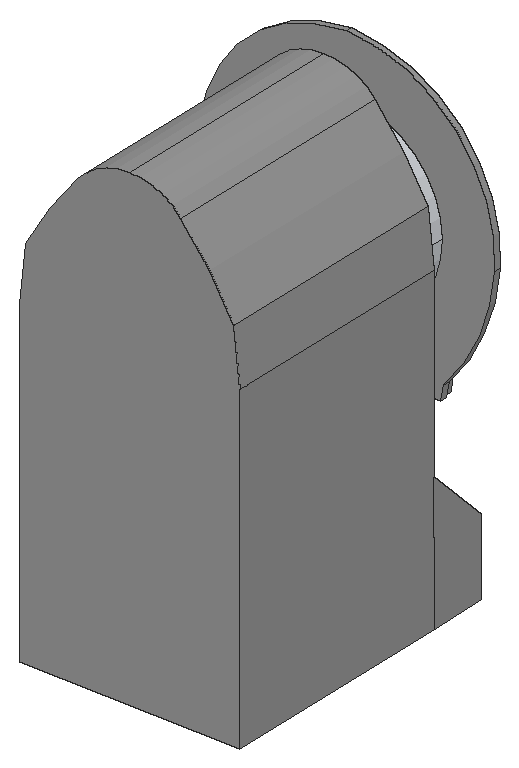
Revit family "Bariatric_Toilet-Willoughby-BETW-1490-FM-FA-TS", category Plumbing Fixtures, Revit 2015
Parameters (values of type "Standard")
  Waste DIA = 2 3/8"
  Waste Connection = yes
  Vent Connection = no
  URL = "https://www.willoughby-ind.com/wp-content/uploads/2018/01/BETW-1490-FM-FA.pdf"
  Type Comments = ""
  Revision = "A"
  Model = "BETW-1490-FM-FA-TS"
  Manufacturer = "Willoughby Industries"
  HW Connection = no
  Flush Inlet DIA = 1 1/2"
  Flush Inlet Connection = yes
  Fixture Body = Stainless Steel AISI 304-Willoughby
  Description = "Front Access, Wall Outlet, Blowout Series Bariatric Toilet, Top Spud"
  Default Elevation = 0' - 0"
  Contact = "(800) 428-4065"
  CW Connection = no
Reference planes (in)
  plane 1 "Center (Front/Back)Floor": y = 0
  plane 2: z = 0
  plane 3 "Center (Left/Right)": x = 0
  plane 4 "Toilet Base HGT": y = 15.75
  plane 5 "Top Of Unit": y = 19.625
  plane 6: x = 7.125
  plane 7: x = -7.125
  plane 8: z = 20.875
  plane 9: z = 31
  plane 10: z = 31.5
  plane 11: z = 24.75
  plane 12: z = 29.375
  plane 13: x = 2
  plane 14: x = -2
  plane 15: z = 9
  plane 16: z = 5
  plane 17: z = 21.5
  plane 18: z = 27.6875
  plane 19: z = 13.125
  plane 20: x = 9.625
  plane 21: x = -9.625
  plane 22 "Waste HGT": y = 12.25
Forms (in)
  Extrusion 1, solid, material "Stainless Steel AISI 304-Willoughby" <- "Fixture Body"
    sketch origin (0, 0, 0) x (1, 0, 0) y (0, 0, 1)
      loop
        line (7.125, 0) -> (7.125, 20.875)
        arc (7.125, 20.875) -> (7.03428, 22.67805) -> (6.76304, 24.46289) r 17.96324
        arc (6.76304, 24.46289) -> (5.19007, 27.08) -> (3.33041, 29.50181) r 26.87644
        arc (3.33041, 29.50181) -> (1.83129, 30.62012) -> (0, 31) r 4.32008
        arc (0, 31) -> (-1.83129, 30.62012) -> (-3.33041, 29.50181) r 4.32008
        arc (-3.33041, 29.50181) -> (-5.19007, 27.08) -> (-6.76304, 24.46289) r 26.87644
        arc (-6.76304, 24.46289) -> (-7.03428, 22.67805) -> (-7.125, 20.875) r 17.96324
        line (-7.125, 20.875) -> (-7.125, 0) -> (7.125, 0)
    from 0 to -15.75
  Extrusion 2, solid, material "Stainless Steel AISI 304-Willoughby" <- "Fixture Body"
    sketch origin (0, 0, 0) x (0, 1, 0) y (0, 0, 1)
      loop
        line (15.75, 8.875) -> (15.75, 0) -> (19.625, 0) -> (19.625, 5) -> (15.75, 8.875)
    from -7.125 to 7.125
  Extrusion 3, solid
    sketch origin (0, 15.75, 0) x (-1, 0, 0) y (0, 0, 1)
      loop
        circle (0, 21.5) r 6.1875
    from 0 to 1.875
  Extrusion 4, solid, material "Stainless Steel AISI 304-Willoughby" <- "Fixture Body"
    sketch origin (0, 15.75, 0) x (-1, 0, 0) y (0, 0, 1)
      loop
        line (-4.75, 12.125) -> (-4.75, 12.625) -> (4.75, 12.625) -> (4.75, 12.125) -> (6.125, 12.125) -> (6.30133, 13.125)
        arc (6.30133, 13.125) -> (8.61843, 16.71898) -> (9.625, 20.875) r 12.82342
        arc (9.625, 20.875) -> (7.07791, 28.23969) -> (0, 31.5) r 9.93325
        arc (0, 31.5) -> (-7.07791, 28.23969) -> (-9.625, 20.875) r 9.93325
        arc (-9.625, 20.875) -> (-8.61843, 16.71898) -> (-6.30133, 13.125) r 12.82342
        line (-6.30133, 13.125) -> (-6.125, 12.125) -> (-4.75, 12.125)
    from 1.875 to 2.25
  Blend 5, solid, material "Stainless Steel AISI 304-Willoughby" <- "Fixture Body"
    base sketch origin (0, 15.75, 0) x (-1, 0, 0) y (0, 0, 1)
      loop
        line (-4.60785, 12.15929) -> (-4.60785, 12.40929) -> (4.64215, 12.40929) -> (4.64215, 12.15929) -> (5.98395, 12.15929) -> (6.22068, 14.59691)
        arc (6.22068, 14.59691) -> (8.11105, 18.09183) -> (8.6336, 22.03074) r 10.97859
        arc (8.6336, 22.03074) -> (5.98369, 28.04088) -> (0, 30.75) r 9.19603
        arc (0, 30.75) -> (-5.98369, 28.04088) -> (-8.6336, 22.03074) r 9.19603
        arc (-8.6336, 22.03074) -> (-8.11105, 18.09183) -> (-6.22068, 14.59691) r 10.97859
        line (-6.22068, 14.59691) -> (-5.98395, 12.15929) -> (-4.60785, 12.15929)
    top sketch origin (0, 15.75, 0) x (-1, 0, 0) y (0, 0, 1)
      loop
        arc (6.22944, 13.99176) -> (8.35674, 17.14799) -> (9.12911, 20.875) r 9.85348
        arc (9.12911, 20.875) -> (6.86364, 28.01045) -> (0, 31) r 9.05259
        arc (0, 31) -> (-6.86364, 28.01045) -> (-9.12911, 20.875) r 9.05259
        arc (-9.12911, 20.875) -> (-8.34629, 17.12327) -> (-6.19132, 13.954) r 9.85348
        line (-6.19132, 13.954) -> (-6.01467, 12.135) -> (-4.5826, 12.135) -> (-4.5826, 12.385) -> (4.63006, 12.385) -> (4.63006, 12.125) -> (5.99156, 12.125) -> (6.22944, 13.99176)
    from 2.875 to 2.25
  Revolve 6, solid
    sketch origin (0, 12.25, 0) x (0, 0, -1) y (-1, 0, 0)
      loop
        line (0, 0) -> (0, 1.1875) -> (-2.25, 1.1875) -> (-2.25, 0) -> (0, 0)
      axis (-2.25, 0) -> (0, 0)
    angle from 0 to 360
  Extrusion 7, solid, material "Stainless Steel AISI 304-Willoughby" <- "Fixture Body"
    sketch origin (0, 19.625, 0) x (-1, 0, 0) y (0, 0, 1)
      loop
        circle (0, 2.5) r 0.75
    from 0 to 1.125
Lines and regions (in)
  symbolic lines
    curve 1: line (0, 15.75, 8.875) -> (0, 15.75, 31)
    curve 2: line (0, 15.75, 31) -> (0, 0, 31)
    curve 3: line (0, 0, 31) -> (0, 0, 0)
    curve 4: line (0, 0, 0) -> (0, 15.75, 0)
    curve 11: line (0, 18, 12.125) -> (0, 17.625, 12.125)
    curve 16: line (0, 15.75, 8.875) -> (0, 19.625, 5)
    curve 17: line (0, 19.625, 5) -> (0, 19.625, 0)
    curve 18: line (0, 19.625, 0) -> (0, 15.75, 0)
    curve 22: line (7.125, 19.625, -0.25) -> (7.125, 19.625, 14.12365)
    curve 23: arc (7.125, 19.625, 14.12365) -> (8.85852, 19.625, 17.32028) -> (9.625, 19.625, 20.875) r 12.82342
    curve 24: arc (9.625, 19.625, 20.875) -> (9.10381, 19.625, 24.81755) -> (7.07791, 19.625, 28.23969) r 9.93325
    curve 25: arc (7.07791, 19.625, 28.23969) -> (3.87202, 19.625, 30.5929) -> (0, 19.625, 31.5) r 9.93325
    curve 26: arc (0, 19.625, 31.5) -> (-3.87202, 19.625, 30.5929) -> (-7.07791, 19.625, 28.23969) r 9.93325
    curve 27: arc (-7.07791, 19.625, 28.23969) -> (-9.10381, 19.625, 24.81755) -> (-9.625, 19.625, 20.875) r 9.93325
    curve 28: arc (-9.625, 19.625, 20.875) -> (-8.85852, 19.625, 17.32028) -> (-7.125, 19.625, 14.12365) r 12.82342
    curve 29: line (-7.125, 19.625, 14.12365) -> (-7.125, 19.625, 0)
    curve 30: line (-7.125, 19.625, 0) -> (7.125, 19.625, 0)
    curve 57: line (7.125, 19.625, 0) -> (-7.125, 19.625, 0)
    curve 58: line (-7.125, 19.625, 0) -> (-7.125, 0, 0)
    curve 59: line (-7.125, 0, 0) -> (7.125, 0, 0)
    curve 60: line (7.125, 0, 0) -> (7.125, 19.625, 0)
    curve 61: line (-6.76304, 15.75, 0) -> (-6.76304, 0, 0)
    curve 62: line (-7.125, 15.75, 0) -> (7.125, 15.75, 0)
    curve 63: line (6.1875, 17.625, 0) -> (6.1875, 15.75, 0)
    curve 64: line (-6.17726, 15.75, 0) -> (-6.17726, 17.625, 0)
    curve 65: line (-6.17726, 17.625, 0) -> (6.1875, 17.625, 0)
    curve 75: line (6.76304, 15.75, 0) -> (6.76304, 0, 0)
  symbolic lines, detail levels medium+fine
    curve 5: line (0, 15.75, 15.375) -> (0, 17.625, 15.375)
    curve 6: line (0, 17.625, 15.375) -> (0, 17.625, 27.6875)
    curve 7: line (0, 17.625, 27.6875) -> (0, 15.75, 27.6875)
    curve 8: line (0, 17.625, 27.6875) -> (0, 17.625, 31.5)
    curve 9: line (0, 17.625, 31.5) -> (0, 18, 31.5)
    curve 10: line (0, 18, 31.5) -> (0, 18, 12.125)
    curve 12: line (0, 17.625, 12.125) -> (0, 17.625, 15.375)
    curve 13: line (0, 18, 12.125) -> (0, 18.625, 12.15929)
    curve 14: line (0, 18.625, 12.15929) -> (0, 18.625, 30.75)
    curve 15: line (0, 18.625, 30.75) -> (0, 18, 31)
    curve 31: line (-7.125, 19.625, 5) -> (7.125, 19.625, 5)
    curve 32: line (-7.125, 19.625, 8.875) -> (7.125, 19.625, 8.875)
    curve 33: line (-7.125, 19.625, 14.12365) -> (-6.30133, 19.625, 13.125)
    curve 34: line (-6.30133, 19.625, 13.125) -> (-6.125, 19.625, 12.125)
    curve 35: line (-6.125, 19.625, 12.125) -> (-4.75, 19.625, 12.125)
    curve 36: line (-4.75, 19.625, 12.125) -> (-4.75, 19.625, 12.625)
    curve 37: line (-4.75, 19.625, 12.625) -> (4.75, 19.625, 12.625)
    curve 38: line (4.75, 19.625, 12.625) -> (4.75, 19.625, 12.125)
    curve 39: line (4.75, 19.625, 12.125) -> (6.125, 19.625, 12.125)
    curve 40: line (6.125, 19.625, 12.125) -> (6.30133, 19.625, 13.125)
    curve 41: arc (6.30133, 19.625, 13.125) -> (6.72577, 19.625, 13.61393) -> (7.125, 19.625, 14.12365) r 12.82342
    curve 53: line (0, 17.625, 12.125) -> (0, 18, 12.125)
    curve 66: line (-6.17726, 17.625, 0) -> (-9.6494, 17.625, 0)
    curve 67: line (-9.6494, 17.625, 0) -> (-9.6494, 18, 0)
    curve 68: line (-9.6494, 18, 0) -> (-9.12911, 18, 0)
    curve 69: line (-9.12911, 18, 0) -> (-8.6336, 18.625, 0)
    curve 70: line (-8.6336, 18.625, 0) -> (8.64736, 18.625, 0)
    curve 71: line (8.64736, 18.625, 0) -> (9.14287, 18, 0)
    curve 72: line (9.14287, 18, 0) -> (9.6494, 18, 0)
    curve 73: line (9.6494, 18, 0) -> (9.6494, 17.625, 0)
    curve 74: line (6.1875, 17.625, 0) -> (9.6494, 17.625, 0)
  symbolic lines, detail levels fine
    curve 19: line (0, 19.625, 1.75) -> (0, 20.75, 1.75)
    curve 20: line (0, 20.75, 1.75) -> (0, 20.75, 3.25)
    curve 21: line (0, 20.75, 3.25) -> (0, 19.625, 3.25)
    curve 42: line (-6.22068, 19.625, 14.59691) -> (-5.98395, 19.625, 12.15929)
    curve 43: line (-5.98395, 19.625, 12.15929) -> (-4.64215, 19.625, 12.15929)
    curve 44: line (-4.64215, 19.625, 12.15929) -> (-4.64215, 19.625, 12.385)
    curve 45: line (-4.64215, 19.625, 12.385) -> (4.60785, 19.625, 12.385)
    curve 46: line (4.60785, 19.625, 12.385) -> (4.60785, 19.625, 12.15929)
    curve 47: line (4.60785, 19.625, 12.15929) -> (5.98395, 19.625, 12.15929)
    curve 48: line (5.98395, 19.625, 12.15929) -> (6.22068, 19.625, 14.59691)
    curve 49: arc (6.22068, 19.625, 14.59691) -> (7.91817, 19.625, 17.54689) -> (8.63061, 19.625, 20.875) r 10.97859
    curve 50: arc (8.63061, 19.625, 20.875) -> (6.37958, 19.625, 27.61664) -> (0, 19.625, 30.75) r 9.21317
    curve 51: arc (0, 19.625, 30.75) -> (-6.36999, 19.625, 27.60827) -> (-8.63061, 19.625, 20.875) r 9.24339
    curve 52: arc (-8.63061, 19.625, 20.875) -> (-7.89379, 19.625, 17.55625) -> (-6.22068, 19.625, 14.59691) r 11.52349
    curve 54: line (0.75, 19.625, 0) -> (0.75, 20.75, 0)
    curve 55: line (0.75, 20.75, 0) -> (-0.75, 20.75, 0)
    curve 56: line (-0.75, 20.75, 0) -> (-0.75, 19.625, 0)
Dimensions and locks (in)
  plane 9 to level = 2' - 7"
  plane 1 "Center (Front/Back)Floor" to plane 4 "Toilet Base HGT" = 1' - 3 3/4"
  plane 1 "Center (Front/Back)Floor" to plane 5 "Top Of Unit" = 1' - 7 5/8"
  plane 7 to plane 6 = 1' - 2 1/4"
  plane 10 to level = 2' - 7 1/2"
  plane 4 "Toilet Base HGT" to plane 1 "Center (Front/Back)Floor" = 1' - 3 3/4"
  level to plane 10 = 2' - 7 1/2"
  plane 6 to plane 7 = 1' - 2 1/4"
  aligned and locked: Extrusion 1 to plane 7
  aligned and locked: Extrusion 1 to level
  aligned and locked: Extrusion 2 to plane 4 "Toilet Base HGT"
  aligned and locked: plane 5 "Top Of Unit" to Extrusion 2
  aligned and locked: Extrusion 2 to level
  aligned and locked: Revolve 6 sketch curve to Revolve 6 sketch curve  (x2)
  aligned and locked: plane 6 to Extrusion 2
  aligned and locked: Extrusion 2 to plane 7
  aligned and locked: curve 62 to curve 75
  aligned and locked: curve 75 to Extrusion 1
Connectors (in)
  piping at (0, 12.25, 0), diameter 2.375, driven by "Waste DIA", driven by "Waste Connection"
    settings: on Revolve 6, index 1, connector inside diameter 24", connector length 0' - 0", flow factor 0, pipe flow 0 GPM, pressure drop 0.00 psi, fitting loss kfactor 0, connector angle 0.00°, fixture units 0, engagement length 0' - 0", angle of deflection 0.00°, flow configuration 0, flow direction 2, fitting loss method 0, system type 16, joint type 0, gender type 0, connector reference index -1, connector utility 1, adjustable connector no, is connector primary yes, connector description "Toilet Waste"
  piping at (0, 20.75, 2.5), diameter 1.5, driven by "Flush Inlet DIA", driven by "Flush Inlet Connection"
    settings: on Extrusion 7, index 2, connector inside diameter 24", connector length 0' - 0", flow factor 0, pipe flow 0 GPM, pressure drop 0.00 psi, fitting loss kfactor 0, connector angle 0.00°, fixture units 0, engagement length 0' - 0", angle of deflection 0.00°, flow configuration 0, flow direction 1, fitting loss method 0, system type 20, joint type 0, gender type 0, connector reference index -1, connector utility 1, adjustable connector no, is connector primary no, connector description "Flush Inlet"
